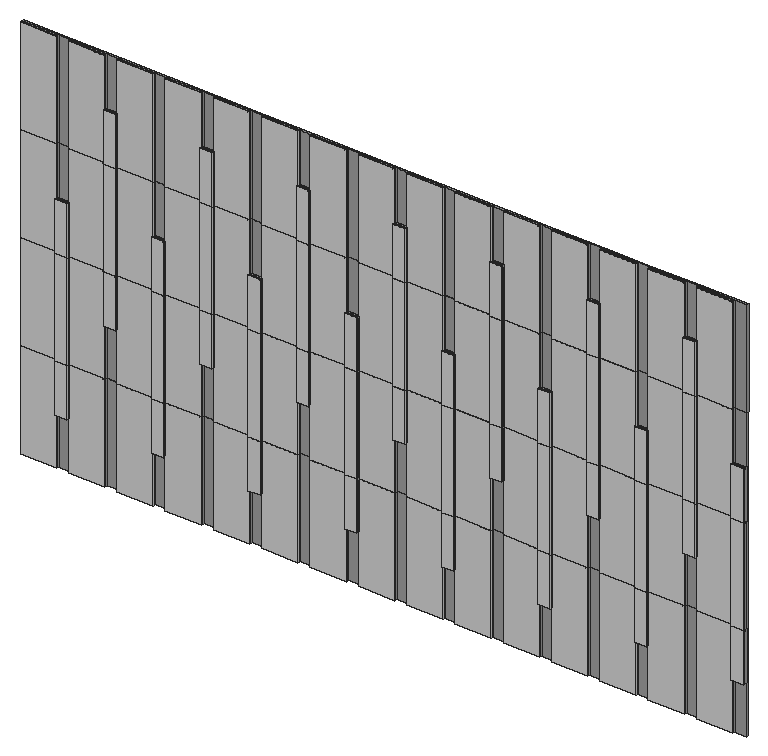
Revit family "SUR-STK-045_COURSIE_RFA", category Modelos genéricos, Revit 2022
Family settings
  Puede alojar armadura = No
  Cota de conector redondo = Diámetro de uso
  Tipo de pieza = Normal
  Se basa en plano de trabajo = No
  Siempre vertical = Sí
  Corte con vacíos al cargar = No
  Mantener orientación de anotación = No
  Compartido = No
  Punto de cálculo de habitación = No
Parameters
  Elevación por defecto = 0.00"
Reference planes (in)
  plane 1 "Centro (Frontal/Posterior)": y = 0
  plane 2: z = 0
  plane 3 "Centro (Izquierda/Derecha)": x = 0
Forms (in)
  Extrusion 1, solid
    sketch origin (-84, 0, 0) x (1, 0, 0) y (0, 0, 1)
      loop
        line (0, 24) -> (0, 0) -> (12, 0) -> (12, 24) -> (0, 24)
    from -1.06299 to -0.59055
  Extrusion 2, solid
    sketch origin (-84, -0.47244, 0) x (1, 0, 0) y (0, 0, 1)
      loop
        line (0, 24) -> (0, 0) -> (9, 0) -> (9, 12) -> (12, 12) -> (12, 24) -> (0, 24)
    from -1.06299 to -0.59055
  Extrusion 3, solid
    sketch origin (-100.10833, -0.94488, 0) x (1, 0, 0) y (0, 0, 1)
      loop
        line (25.10833, 24) -> (25.10833, 12) -> (28.10833, 12) -> (28.10833, 24) -> (25.10833, 24)
    from -1.06299 to -0.59055
  Extrusion 4, solid
    sketch origin (-84, 0, 0) x (1, 0, 0) y (0, 0, 1)
      loop
        line (0, 24) -> (0, 0) -> (9, 0) -> (9, 24) -> (0, 24)
    from -0.11811 to 0
  Extrusion 5, solid
    sketch origin (-84, -1.41732, 0) x (1, 0, 0) y (0, 0, 1)
      loop
        line (9, 24) -> (9, 12) -> (12, 12) -> (12, 24) -> (9, 24)
    from -1.06299 to -0.94488
  Extrusion 6, solid, not visible
    sketch origin (0, 0, 0) x (1, 0, 0) y (0, 0, 1)
      loop
        line (0, 24) -> (0, 0) -> (12, 0) -> (12, 24) -> (0, 24)
    from -1.06299 to -0.59055
  Extrusion 7, solid, not visible
    sketch origin (0, 0, 0) x (1, 0, 0) y (0, 0, 1)
      loop
        line (0, 24) -> (0, 0) -> (9, 0) -> (9, 24) -> (0, 24)
    from -0.59055 to -0.11811
  Extrusion 8, solid, not visible
    sketch origin (0, 0, 0) x (1, 0, 0) y (0, 0, 1)
      loop
        line (0, 24) -> (0, 0) -> (9, 0) -> (9, 24) -> (0, 24)
    from -0.11811 to 0
  Extrusion 9, solid, not visible
    sketch origin (17.00226, 0, 0) x (1, 0, 0) y (0, 0, 1)
      loop
        line (0, 24) -> (0, 0) -> (12, 0) -> (12, 24) -> (0, 24)
    from -1.06299 to -0.59055
  Extrusion 10, solid, not visible
    sketch origin (17.00226, -0.47244, 0) x (1, 0, 0) y (0, 0, 1)
      loop
        line (0, 24) -> (0, 0) -> (12, 0) -> (12, 12) -> (9, 12) -> (9, 24) -> (0, 24)
    from -1.06299 to -0.59055
  Extrusion 11, solid, not visible
    sketch origin (17.00226, -0.94488, 0) x (1, 0, 0) y (0, 0, 1)
      loop
        line (9, 12) -> (9, 0) -> (12, 0) -> (12, 12) -> (9, 12)
    from -1.06299 to -0.59055
  Extrusion 12, solid, not visible
    sketch origin (17.00226, 0, 0) x (1, 0, 0) y (0, 0, 1)
      loop
        line (0, 24) -> (0, 0) -> (9, 0) -> (9, 24) -> (0, 24)
    from -0.11811 to 0
  Extrusion 13, solid, not visible
    sketch origin (17.00226, -1.41732, 0) x (1, 0, 0) y (0, 0, 1)
      loop
        line (9, 12) -> (9, 0) -> (12, 0) -> (12, 12) -> (9, 12)
    from -1.06299 to -0.94488
  Extrusion 14, solid, not visible
    sketch origin (33.11058, 0, 0) x (1, 0, 0) y (0, 0, 1)
      loop
        line (0, 24) -> (0, 0) -> (12, 0) -> (12, 24) -> (0, 24)
    from -1.06299 to -0.59055
  Extrusion 15, solid, not visible
    sketch origin (33.11058, -0.47244, 0) x (1, 0, 0) y (0, 0, 1)
      loop
        line (0, 24) -> (0, 0) -> (9, 0) -> (9, 12) -> (12, 12) -> (12, 24) -> (0, 24)
    from -1.06299 to -0.59055
  Extrusion 16, solid, not visible
    sketch origin (17.00226, -0.94488, 0) x (1, 0, 0) y (0, 0, 1)
      loop
        line (25.10833, 24) -> (25.10833, 12) -> (28.10833, 12) -> (28.10833, 24) -> (25.10833, 24)
    from -1.06299 to -0.59055
  Extrusion 17, solid, not visible
    sketch origin (33.11058, 0, 0) x (1, 0, 0) y (0, 0, 1)
      loop
        line (0, 24) -> (0, 0) -> (9, 0) -> (9, 24) -> (0, 24)
    from -0.11811 to 0
  Extrusion 18, solid, not visible
    sketch origin (33.11058, -1.41732, 0) x (1, 0, 0) y (0, 0, 1)
      loop
        line (9, 24) -> (9, 12) -> (12, 12) -> (12, 24) -> (9, 24)
    from -1.06299 to -0.94488
  Extrusion 19, solid, not visible
    sketch origin (50.11284, 0, 0) x (1, 0, 0) y (0, 0, 1)
      loop
        line (0, 24) -> (0, 0) -> (12, 0) -> (12, 24) -> (0, 24)
    from -1.06299 to -0.59055
  Extrusion 20, solid, not visible
    sketch origin (50.11284, -0.47244, 0) x (1, 0, 0) y (0, 0, 1)
      loop
        line (0, 24) -> (0, 0) -> (12, 0) -> (12, 24) -> (0, 24)
    from -1.06299 to -0.59055
  Extrusion 21, solid, not visible
    sketch origin (50.11284, 0, 0) x (1, 0, 0) y (0, 0, 1)
      loop
        line (0, 24) -> (0, 0) -> (9, 0) -> (9, 24) -> (0, 24)
    from -0.11811 to 0
  Extrusion 22, solid, not visible
    sketch origin (34.00451, -0.94488, 0) x (1, 0, 0) y (0, 0, 1)
      loop
        line (25.10833, 24) -> (25.10833, 0) -> (28.10833, 0) -> (28.10833, 24) -> (25.10833, 24)
    from -1.06299 to -0.59055
  Extrusion 23, solid, not visible
    sketch origin (50.11284, -1.41732, 0) x (1, 0, 0) y (0, 0, 1)
      loop
        line (9, 24) -> (9, 0) -> (12, 0) -> (12, 24) -> (9, 24)
    from -1.06299 to -0.94488
  Extrusion 24, solid
    sketch origin (-84, 0, 24) x (1, 0, 0) y (0, 0, 1)
      loop
        line (0, 24) -> (0, 0) -> (12, 0) -> (12, 24) -> (0, 24)
    from -1.06299 to -0.59055
  Extrusion 25, solid
    sketch origin (-84, -0.47244, 24) x (1, 0, 0) y (0, 0, 1)
      loop
        line (0, 24) -> (0, 0) -> (12, 0) -> (12, 24) -> (0, 24)
    from -1.06299 to -0.59055
  Extrusion 26, solid
    sketch origin (-84, 0, 24) x (1, 0, 0) y (0, 0, 1)
      loop
        line (0, 24) -> (0, 0) -> (9, 0) -> (9, 24) -> (0, 24)
    from -0.11811 to 0
  Extrusion 27, solid
    sketch origin (-100.10833, -0.94488, 24) x (1, 0, 0) y (0, 0, 1)
      loop
        line (25.10833, 24) -> (25.10833, 0) -> (28.10833, 0) -> (28.10833, 24) -> (25.10833, 24)
    from -1.06299 to -0.59055
  Extrusion 28, solid
    sketch origin (-84, -1.41732, 24) x (1, 0, 0) y (0, 0, 1)
      loop
        line (9, 24) -> (9, 0) -> (12, 0) -> (12, 24) -> (9, 24)
    from -1.06299 to -0.94488
  Extrusion 29, solid
    sketch origin (-84, 0, 48) x (1, 0, 0) y (0, 0, 1)
      loop
        line (0, 24) -> (0, 0) -> (12, 0) -> (12, 24) -> (0, 24)
    from -1.06299 to -0.59055
  Extrusion 30, solid
    sketch origin (-84, -0.47244, 48) x (1, 0, 0) y (0, 0, 1)
      loop
        line (0, 24) -> (0, 0) -> (12, 0) -> (12, 12) -> (9, 12) -> (9, 24) -> (0, 24)
    from -1.06299 to -0.59055
  Extrusion 31, solid
    sketch origin (-84, -0.94488, 48) x (1, 0, 0) y (0, 0, 1)
      loop
        line (9, 12) -> (9, 0) -> (12, 0) -> (12, 12) -> (9, 12)
    from -1.06299 to -0.59055
  Extrusion 32, solid
    sketch origin (-84, 0, 48) x (1, 0, 0) y (0, 0, 1)
      loop
        line (0, 24) -> (0, 0) -> (9, 0) -> (9, 24) -> (0, 24)
    from -0.11811 to 0
  Extrusion 33, solid
    sketch origin (-84, -1.41732, 48) x (1, 0, 0) y (0, 0, 1)
      loop
        line (9, 12) -> (9, 0) -> (12, 0) -> (12, 12) -> (9, 12)
    from -1.06299 to -0.94488
  Extrusion 34, solid
    sketch origin (-84, 0, 72) x (1, 0, 0) y (0, 0, 1)
      loop
        line (0, 24) -> (0, 0) -> (12, 0) -> (12, 24) -> (0, 24)
    from -1.06299 to -0.59055
  Extrusion 35, solid
    sketch origin (-84, 0, 72) x (1, 0, 0) y (0, 0, 1)
      loop
        line (0, 24) -> (0, 0) -> (9, 0) -> (9, 24) -> (0, 24)
    from -0.59055 to -0.11811
  Extrusion 36, solid
    sketch origin (-84, 0, 72) x (1, 0, 0) y (0, 0, 1)
      loop
        line (0, 24) -> (0, 0) -> (9, 0) -> (9, 24) -> (0, 24)
    from -0.11811 to 0
  Extrusion 37, solid
    sketch origin (-72, 0, 0) x (1, 0, 0) y (0, 0, 1)
      loop
        line (0, 24) -> (0, 0) -> (12, 0) -> (12, 24) -> (0, 24)
    from -1.06299 to -0.59055
  Extrusion 38, solid
    sketch origin (-72, 0, 0) x (1, 0, 0) y (0, 0, 1)
      loop
        line (0, 24) -> (0, 0) -> (9, 0) -> (9, 24) -> (0, 24)
    from -0.59055 to -0.11811
  Extrusion 39, solid
    sketch origin (-72, 0, 0) x (1, 0, 0) y (0, 0, 1)
      loop
        line (0, 24) -> (0, 0) -> (9, 0) -> (9, 24) -> (0, 24)
    from -0.11811 to 0
  Extrusion 40, solid
    sketch origin (-72, 0, 24) x (1, 0, 0) y (0, 0, 1)
      loop
        line (0, 24) -> (0, 0) -> (12, 0) -> (12, 24) -> (0, 24)
    from -1.06299 to -0.59055
  Extrusion 41, solid
    sketch origin (-72, -0.47244, 24) x (1, 0, 0) y (0, 0, 1)
      loop
        line (0, 24) -> (0, 0) -> (9, 0) -> (9, 12) -> (12, 12) -> (12, 24) -> (0, 24)
    from -1.06299 to -0.59055
  Extrusion 42, solid
    sketch origin (-88.10833, -0.94488, 24) x (1, 0, 0) y (0, 0, 1)
      loop
        line (25.10833, 24) -> (25.10833, 12) -> (28.10833, 12) -> (28.10833, 24) -> (25.10833, 24)
    from -1.06299 to -0.59055
  Extrusion 43, solid
    sketch origin (-72, 0, 24) x (1, 0, 0) y (0, 0, 1)
      loop
        line (0, 24) -> (0, 0) -> (9, 0) -> (9, 24) -> (0, 24)
    from -0.11811 to 0
  Extrusion 44, solid
    sketch origin (-72, -1.41732, 24) x (1, 0, 0) y (0, 0, 1)
      loop
        line (9, 24) -> (9, 12) -> (12, 12) -> (12, 24) -> (9, 24)
    from -1.06299 to -0.94488
  Extrusion 45, solid
    sketch origin (-72, 0, 48) x (1, 0, 0) y (0, 0, 1)
      loop
        line (0, 24) -> (0, 0) -> (12, 0) -> (12, 24) -> (0, 24)
    from -1.06299 to -0.59055
  Extrusion 46, solid
    sketch origin (-72, -0.47244, 48) x (1, 0, 0) y (0, 0, 1)
      loop
        line (0, 24) -> (0, 0) -> (12, 0) -> (12, 24) -> (0, 24)
    from -1.06299 to -0.59055
  Extrusion 47, solid
    sketch origin (-72, 0, 48) x (1, 0, 0) y (0, 0, 1)
      loop
        line (0, 24) -> (0, 0) -> (9, 0) -> (9, 24) -> (0, 24)
    from -0.11811 to 0
  Extrusion 48, solid
    sketch origin (-88.10833, -0.94488, 48) x (1, 0, 0) y (0, 0, 1)
      loop
        line (25.10833, 24) -> (25.10833, 0) -> (28.10833, 0) -> (28.10833, 24) -> (25.10833, 24)
    from -1.06299 to -0.59055
  Extrusion 49, solid
    sketch origin (-72, -1.41732, 48) x (1, 0, 0) y (0, 0, 1)
      loop
        line (9, 24) -> (9, 0) -> (12, 0) -> (12, 24) -> (9, 24)
    from -1.06299 to -0.94488
  Extrusion 50, solid
    sketch origin (-72, 0, 72) x (1, 0, 0) y (0, 0, 1)
      loop
        line (0, 24) -> (0, 0) -> (12, 0) -> (12, 24) -> (0, 24)
    from -1.06299 to -0.59055
  Extrusion 51, solid
    sketch origin (-72, -0.47244, 72) x (1, 0, 0) y (0, 0, 1)
      loop
        line (0, 24) -> (0, 0) -> (12, 0) -> (12, 12) -> (9, 12) -> (9, 24) -> (0, 24)
    from -1.06299 to -0.59055
  Extrusion 52, solid
    sketch origin (-72, -0.94488, 72) x (1, 0, 0) y (0, 0, 1)
      loop
        line (9, 12) -> (9, 0) -> (12, 0) -> (12, 12) -> (9, 12)
    from -1.06299 to -0.59055
  Extrusion 53, solid
    sketch origin (-72, 0, 72) x (1, 0, 0) y (0, 0, 1)
      loop
        line (0, 24) -> (0, 0) -> (9, 0) -> (9, 24) -> (0, 24)
    from -0.11811 to 0
  Extrusion 54, solid
    sketch origin (-72, -1.41732, 72) x (1, 0, 0) y (0, 0, 1)
      loop
        line (9, 12) -> (9, 0) -> (12, 0) -> (12, 12) -> (9, 12)
    from -1.06299 to -0.94488
  Extrusion 55, solid, not visible
    sketch origin (0, 0, 0) x (1, 0, 0) y (0, 0, 1)
      loop
        line (0, 24) -> (0, 0) -> (12, 0) -> (12, 24) -> (0, 24)
    from -1.06299 to -0.59055
  Extrusion 56, solid, not visible
    sketch origin (0, -0.47244, 0) x (1, 0, 0) y (0, 0, 1)
      loop
        line (0, 24) -> (0, 0) -> (9, 0) -> (9, 12) -> (12, 12) -> (12, 24) -> (0, 24)
    from -1.06299 to -0.59055
  Extrusion 57, solid, not visible
    sketch origin (-16.10833, -0.94488, 0) x (1, 0, 0) y (0, 0, 1)
      loop
        line (25.10833, 24) -> (25.10833, 12) -> (28.10833, 12) -> (28.10833, 24) -> (25.10833, 24)
    from -1.06299 to -0.59055
  Extrusion 58, solid, not visible
    sketch origin (0, 0, 0) x (1, 0, 0) y (0, 0, 1)
      loop
        line (0, 24) -> (0, 0) -> (9, 0) -> (9, 24) -> (0, 24)
    from -0.11811 to 0
  Extrusion 59, solid, not visible
    sketch origin (0, -1.41732, 0) x (1, 0, 0) y (0, 0, 1)
      loop
        line (9, 24) -> (9, 12) -> (12, 12) -> (12, 24) -> (9, 24)
    from -1.06299 to -0.94488
  Extrusion 60, solid, not visible
    sketch origin (0, 0, 24) x (1, 0, 0) y (0, 0, 1)
      loop
        line (0, 24) -> (0, 0) -> (12, 0) -> (12, 24) -> (0, 24)
    from -1.06299 to -0.59055
  Extrusion 61, solid, not visible
    sketch origin (0, -0.47244, 24) x (1, 0, 0) y (0, 0, 1)
      loop
        line (0, 24) -> (0, 0) -> (12, 0) -> (12, 24) -> (0, 24)
    from -1.06299 to -0.59055
  Extrusion 62, solid, not visible
    sketch origin (0, 0, 24) x (1, 0, 0) y (0, 0, 1)
      loop
        line (0, 24) -> (0, 0) -> (9, 0) -> (9, 24) -> (0, 24)
    from -0.11811 to 0
  Extrusion 63, solid, not visible
    sketch origin (-16.10833, -0.94488, 24) x (1, 0, 0) y (0, 0, 1)
      loop
        line (25.10833, 24) -> (25.10833, 0) -> (28.10833, 0) -> (28.10833, 24) -> (25.10833, 24)
    from -1.06299 to -0.59055
  Extrusion 64, solid, not visible
    sketch origin (0, -1.41732, 24) x (1, 0, 0) y (0, 0, 1)
      loop
        line (9, 24) -> (9, 0) -> (12, 0) -> (12, 24) -> (9, 24)
    from -1.06299 to -0.94488
  Extrusion 65, solid, not visible
    sketch origin (0, 0, 48) x (1, 0, 0) y (0, 0, 1)
      loop
        line (0, 24) -> (0, 0) -> (12, 0) -> (12, 24) -> (0, 24)
    from -1.06299 to -0.59055
  Extrusion 66, solid, not visible
    sketch origin (0, -0.47244, 48) x (1, 0, 0) y (0, 0, 1)
      loop
        line (0, 24) -> (0, 0) -> (12, 0) -> (12, 12) -> (9, 12) -> (9, 24) -> (0, 24)
    from -1.06299 to -0.59055
  Extrusion 67, solid, not visible
    sketch origin (0, -0.94488, 48) x (1, 0, 0) y (0, 0, 1)
      loop
        line (9, 12) -> (9, 0) -> (12, 0) -> (12, 12) -> (9, 12)
    from -1.06299 to -0.59055
  Extrusion 68, solid, not visible
    sketch origin (0, 0, 48) x (1, 0, 0) y (0, 0, 1)
      loop
        line (0, 24) -> (0, 0) -> (9, 0) -> (9, 24) -> (0, 24)
    from -0.11811 to 0
  Extrusion 69, solid, not visible
    sketch origin (0, -1.41732, 48) x (1, 0, 0) y (0, 0, 1)
      loop
        line (9, 12) -> (9, 0) -> (12, 0) -> (12, 12) -> (9, 12)
    from -1.06299 to -0.94488
  Extrusion 70, solid, not visible
    sketch origin (0, 0, 72) x (1, 0, 0) y (0, 0, 1)
      loop
        line (0, 24) -> (0, 0) -> (12, 0) -> (12, 24) -> (0, 24)
    from -1.06299 to -0.59055
  Extrusion 71, solid, not visible
    sketch origin (0, 0, 72) x (1, 0, 0) y (0, 0, 1)
      loop
        line (0, 24) -> (0, 0) -> (9, 0) -> (9, 24) -> (0, 24)
    from -0.59055 to -0.11811
  Extrusion 72, solid, not visible
    sketch origin (0, 0, 72) x (1, 0, 0) y (0, 0, 1)
      loop
        line (0, 24) -> (0, 0) -> (9, 0) -> (9, 24) -> (0, 24)
    from -0.11811 to 0
  Extrusion 73, solid, not visible
    sketch origin (12, 0, 0) x (1, 0, 0) y (0, 0, 1)
      loop
        line (0, 24) -> (0, 0) -> (12, 0) -> (12, 24) -> (0, 24)
    from -1.06299 to -0.59055
  Extrusion 74, solid, not visible
    sketch origin (12, 0, 0) x (1, 0, 0) y (0, 0, 1)
      loop
        line (0, 24) -> (0, 0) -> (9, 0) -> (9, 24) -> (0, 24)
    from -0.59055 to -0.11811
  Extrusion 75, solid, not visible
    sketch origin (12, 0, 0) x (1, 0, 0) y (0, 0, 1)
      loop
        line (0, 24) -> (0, 0) -> (9, 0) -> (9, 24) -> (0, 24)
    from -0.11811 to 0
  Extrusion 76, solid, not visible
    sketch origin (12, 0, 24) x (1, 0, 0) y (0, 0, 1)
      loop
        line (0, 24) -> (0, 0) -> (12, 0) -> (12, 24) -> (0, 24)
    from -1.06299 to -0.59055
  Extrusion 77, solid, not visible
    sketch origin (12, -0.47244, 24) x (1, 0, 0) y (0, 0, 1)
      loop
        line (0, 24) -> (0, 0) -> (9, 0) -> (9, 12) -> (12, 12) -> (12, 24) -> (0, 24)
    from -1.06299 to -0.59055
  Extrusion 78, solid, not visible
    sketch origin (-4.10833, -0.94488, 24) x (1, 0, 0) y (0, 0, 1)
      loop
        line (25.10833, 24) -> (25.10833, 12) -> (28.10833, 12) -> (28.10833, 24) -> (25.10833, 24)
    from -1.06299 to -0.59055
  Extrusion 79, solid, not visible
    sketch origin (12, 0, 24) x (1, 0, 0) y (0, 0, 1)
      loop
        line (0, 24) -> (0, 0) -> (9, 0) -> (9, 24) -> (0, 24)
    from -0.11811 to 0
  Extrusion 80, solid, not visible
    sketch origin (12, -1.41732, 24) x (1, 0, 0) y (0, 0, 1)
      loop
        line (9, 24) -> (9, 12) -> (12, 12) -> (12, 24) -> (9, 24)
    from -1.06299 to -0.94488
  Extrusion 81, solid, not visible
    sketch origin (12, 0, 48) x (1, 0, 0) y (0, 0, 1)
      loop
        line (0, 24) -> (0, 0) -> (12, 0) -> (12, 24) -> (0, 24)
    from -1.06299 to -0.59055
  Extrusion 82, solid, not visible
    sketch origin (12, -0.47244, 48) x (1, 0, 0) y (0, 0, 1)
      loop
        line (0, 24) -> (0, 0) -> (12, 0) -> (12, 24) -> (0, 24)
    from -1.06299 to -0.59055
  Extrusion 83, solid, not visible
    sketch origin (12, 0, 48) x (1, 0, 0) y (0, 0, 1)
      loop
        line (0, 24) -> (0, 0) -> (9, 0) -> (9, 24) -> (0, 24)
    from -0.11811 to 0
  Extrusion 84, solid, not visible
    sketch origin (-4.10833, -0.94488, 48) x (1, 0, 0) y (0, 0, 1)
      loop
        line (25.10833, 24) -> (25.10833, 0) -> (28.10833, 0) -> (28.10833, 24) -> (25.10833, 24)
    from -1.06299 to -0.59055
  Extrusion 85, solid, not visible
    sketch origin (12, -1.41732, 48) x (1, 0, 0) y (0, 0, 1)
      loop
        line (9, 24) -> (9, 0) -> (12, 0) -> (12, 24) -> (9, 24)
    from -1.06299 to -0.94488
  Extrusion 86, solid, not visible
    sketch origin (12, 0, 72) x (1, 0, 0) y (0, 0, 1)
      loop
        line (0, 24) -> (0, 0) -> (12, 0) -> (12, 24) -> (0, 24)
    from -1.06299 to -0.59055
  Extrusion 87, solid, not visible
    sketch origin (12, -0.47244, 72) x (1, 0, 0) y (0, 0, 1)
      loop
        line (0, 24) -> (0, 0) -> (12, 0) -> (12, 12) -> (9, 12) -> (9, 24) -> (0, 24)
    from -1.06299 to -0.59055
  Extrusion 88, solid, not visible
    sketch origin (12, -0.94488, 72) x (1, 0, 0) y (0, 0, 1)
      loop
        line (9, 12) -> (9, 0) -> (12, 0) -> (12, 12) -> (9, 12)
    from -1.06299 to -0.59055
  Extrusion 89, solid, not visible
    sketch origin (12, 0, 72) x (1, 0, 0) y (0, 0, 1)
      loop
        line (0, 24) -> (0, 0) -> (9, 0) -> (9, 24) -> (0, 24)
    from -0.11811 to 0
  Extrusion 90, solid, not visible
    sketch origin (12, -1.41732, 72) x (1, 0, 0) y (0, 0, 1)
      loop
        line (9, 12) -> (9, 0) -> (12, 0) -> (12, 12) -> (9, 12)
    from -1.06299 to -0.94488
  Extrusion 91, solid
    sketch origin (-60, 0, 0) x (1, 0, 0) y (0, 0, 1)
      loop
        line (0, 24) -> (0, 0) -> (12, 0) -> (12, 24) -> (0, 24)
    from -1.06299 to -0.59055
  Extrusion 92, solid
    sketch origin (-60, -0.47244, 0) x (1, 0, 0) y (0, 0, 1)
      loop
        line (0, 24) -> (0, 0) -> (9, 0) -> (9, 12) -> (12, 12) -> (12, 24) -> (0, 24)
    from -1.06299 to -0.59055
  Extrusion 93, solid
    sketch origin (-76.10833, -0.94488, 0) x (1, 0, 0) y (0, 0, 1)
      loop
        line (25.10833, 24) -> (25.10833, 12) -> (28.10833, 12) -> (28.10833, 24) -> (25.10833, 24)
    from -1.06299 to -0.59055
  Extrusion 94, solid
    sketch origin (-60, 0, 0) x (1, 0, 0) y (0, 0, 1)
      loop
        line (0, 24) -> (0, 0) -> (9, 0) -> (9, 24) -> (0, 24)
    from -0.11811 to 0
  Extrusion 95, solid
    sketch origin (-60, -1.41732, 0) x (1, 0, 0) y (0, 0, 1)
      loop
        line (9, 24) -> (9, 12) -> (12, 12) -> (12, 24) -> (9, 24)
    from -1.06299 to -0.94488
  Extrusion 96, solid
    sketch origin (-60, 0, 24) x (1, 0, 0) y (0, 0, 1)
      loop
        line (0, 24) -> (0, 0) -> (12, 0) -> (12, 24) -> (0, 24)
    from -1.06299 to -0.59055
  Extrusion 97, solid
    sketch origin (-60, -0.47244, 24) x (1, 0, 0) y (0, 0, 1)
      loop
        line (0, 24) -> (0, 0) -> (12, 0) -> (12, 24) -> (0, 24)
    from -1.06299 to -0.59055
  Extrusion 98, solid
    sketch origin (-60, 0, 24) x (1, 0, 0) y (0, 0, 1)
      loop
        line (0, 24) -> (0, 0) -> (9, 0) -> (9, 24) -> (0, 24)
    from -0.11811 to 0
  Extrusion 99, solid
    sketch origin (-76.10833, -0.94488, 24) x (1, 0, 0) y (0, 0, 1)
      loop
        line (25.10833, 24) -> (25.10833, 0) -> (28.10833, 0) -> (28.10833, 24) -> (25.10833, 24)
    from -1.06299 to -0.59055
  Extrusion 100, solid
    sketch origin (-60, -1.41732, 24) x (1, 0, 0) y (0, 0, 1)
      loop
        line (9, 24) -> (9, 0) -> (12, 0) -> (12, 24) -> (9, 24)
    from -1.06299 to -0.94488
  Extrusion 101, solid
    sketch origin (-60, 0, 48) x (1, 0, 0) y (0, 0, 1)
      loop
        line (0, 24) -> (0, 0) -> (12, 0) -> (12, 24) -> (0, 24)
    from -1.06299 to -0.59055
  Extrusion 102, solid
    sketch origin (-60, -0.47244, 48) x (1, 0, 0) y (0, 0, 1)
      loop
        line (0, 24) -> (0, 0) -> (12, 0) -> (12, 12) -> (9, 12) -> (9, 24) -> (0, 24)
    from -1.06299 to -0.59055
  Extrusion 103, solid
    sketch origin (-60, -0.94488, 48) x (1, 0, 0) y (0, 0, 1)
      loop
        line (9, 12) -> (9, 0) -> (12, 0) -> (12, 12) -> (9, 12)
    from -1.06299 to -0.59055
  Extrusion 104, solid
    sketch origin (-60, 0, 48) x (1, 0, 0) y (0, 0, 1)
      loop
        line (0, 24) -> (0, 0) -> (9, 0) -> (9, 24) -> (0, 24)
    from -0.11811 to 0
  Extrusion 105, solid
    sketch origin (-60, -1.41732, 48) x (1, 0, 0) y (0, 0, 1)
      loop
        line (9, 12) -> (9, 0) -> (12, 0) -> (12, 12) -> (9, 12)
    from -1.06299 to -0.94488
  Extrusion 106, solid
    sketch origin (-60, 0, 72) x (1, 0, 0) y (0, 0, 1)
      loop
        line (0, 24) -> (0, 0) -> (12, 0) -> (12, 24) -> (0, 24)
    from -1.06299 to -0.59055
  Extrusion 107, solid
    sketch origin (-60, 0, 72) x (1, 0, 0) y (0, 0, 1)
      loop
        line (0, 24) -> (0, 0) -> (9, 0) -> (9, 24) -> (0, 24)
    from -0.59055 to -0.11811
  Extrusion 108, solid
    sketch origin (-60, 0, 72) x (1, 0, 0) y (0, 0, 1)
      loop
        line (0, 24) -> (0, 0) -> (9, 0) -> (9, 24) -> (0, 24)
    from -0.11811 to 0
  Extrusion 109, solid
    sketch origin (-48, 0, 0) x (1, 0, 0) y (0, 0, 1)
      loop
        line (0, 24) -> (0, 0) -> (12, 0) -> (12, 24) -> (0, 24)
    from -1.06299 to -0.59055
  Extrusion 110, solid
    sketch origin (-48, 0, 0) x (1, 0, 0) y (0, 0, 1)
      loop
        line (0, 24) -> (0, 0) -> (9, 0) -> (9, 24) -> (0, 24)
    from -0.59055 to -0.11811
  Extrusion 111, solid
    sketch origin (-48, 0, 0) x (1, 0, 0) y (0, 0, 1)
      loop
        line (0, 24) -> (0, 0) -> (9, 0) -> (9, 24) -> (0, 24)
    from -0.11811 to 0
  Extrusion 112, solid
    sketch origin (-48, 0, 24) x (1, 0, 0) y (0, 0, 1)
      loop
        line (0, 24) -> (0, 0) -> (12, 0) -> (12, 24) -> (0, 24)
    from -1.06299 to -0.59055
  Extrusion 113, solid
    sketch origin (-48, -0.47244, 24) x (1, 0, 0) y (0, 0, 1)
      loop
        line (0, 24) -> (0, 0) -> (9, 0) -> (9, 12) -> (12, 12) -> (12, 24) -> (0, 24)
    from -1.06299 to -0.59055
  Extrusion 114, solid
    sketch origin (-64.10833, -0.94488, 24) x (1, 0, 0) y (0, 0, 1)
      loop
        line (25.10833, 24) -> (25.10833, 12) -> (28.10833, 12) -> (28.10833, 24) -> (25.10833, 24)
    from -1.06299 to -0.59055
  Extrusion 115, solid
    sketch origin (-48, 0, 24) x (1, 0, 0) y (0, 0, 1)
      loop
        line (0, 24) -> (0, 0) -> (9, 0) -> (9, 24) -> (0, 24)
    from -0.11811 to 0
  Extrusion 116, solid
    sketch origin (-48, -1.41732, 24) x (1, 0, 0) y (0, 0, 1)
      loop
        line (9, 24) -> (9, 12) -> (12, 12) -> (12, 24) -> (9, 24)
    from -1.06299 to -0.94488
  Extrusion 117, solid
    sketch origin (-48, 0, 48) x (1, 0, 0) y (0, 0, 1)
      loop
        line (0, 24) -> (0, 0) -> (12, 0) -> (12, 24) -> (0, 24)
    from -1.06299 to -0.59055
  Extrusion 118, solid
    sketch origin (-48, -0.47244, 48) x (1, 0, 0) y (0, 0, 1)
      loop
        line (0, 24) -> (0, 0) -> (12, 0) -> (12, 24) -> (0, 24)
    from -1.06299 to -0.59055
  Extrusion 119, solid
    sketch origin (-48, 0, 48) x (1, 0, 0) y (0, 0, 1)
      loop
        line (0, 24) -> (0, 0) -> (9, 0) -> (9, 24) -> (0, 24)
    from -0.11811 to 0
  Extrusion 120, solid
    sketch origin (-64.10833, -0.94488, 48) x (1, 0, 0) y (0, 0, 1)
      loop
        line (25.10833, 24) -> (25.10833, 0) -> (28.10833, 0) -> (28.10833, 24) -> (25.10833, 24)
    from -1.06299 to -0.59055
  Extrusion 121, solid
    sketch origin (-48, -1.41732, 48) x (1, 0, 0) y (0, 0, 1)
      loop
        line (9, 24) -> (9, 0) -> (12, 0) -> (12, 24) -> (9, 24)
    from -1.06299 to -0.94488
  Extrusion 122, solid
    sketch origin (-48, 0, 72) x (1, 0, 0) y (0, 0, 1)
      loop
        line (0, 24) -> (0, 0) -> (12, 0) -> (12, 24) -> (0, 24)
    from -1.06299 to -0.59055
  Extrusion 123, solid
    sketch origin (-48, -0.47244, 72) x (1, 0, 0) y (0, 0, 1)
      loop
        line (0, 24) -> (0, 0) -> (12, 0) -> (12, 12) -> (9, 12) -> (9, 24) -> (0, 24)
    from -1.06299 to -0.59055
  Extrusion 124, solid
    sketch origin (-48, -0.94488, 72) x (1, 0, 0) y (0, 0, 1)
      loop
        line (9, 12) -> (9, 0) -> (12, 0) -> (12, 12) -> (9, 12)
    from -1.06299 to -0.59055
  Extrusion 125, solid
    sketch origin (-48, 0, 72) x (1, 0, 0) y (0, 0, 1)
      loop
        line (0, 24) -> (0, 0) -> (9, 0) -> (9, 24) -> (0, 24)
    from -0.11811 to 0
  Extrusion 126, solid
    sketch origin (-48, -1.41732, 72) x (1, 0, 0) y (0, 0, 1)
      loop
        line (9, 12) -> (9, 0) -> (12, 0) -> (12, 12) -> (9, 12)
    from -1.06299 to -0.94488
  Extrusion 127, solid
    sketch origin (-36, 0, 0) x (1, 0, 0) y (0, 0, 1)
      loop
        line (0, 24) -> (0, 0) -> (12, 0) -> (12, 24) -> (0, 24)
    from -1.06299 to -0.59055
  Extrusion 128, solid
    sketch origin (-36, -0.47244, 0) x (1, 0, 0) y (0, 0, 1)
      loop
        line (0, 24) -> (0, 0) -> (9, 0) -> (9, 12) -> (12, 12) -> (12, 24) -> (0, 24)
    from -1.06299 to -0.59055
  Extrusion 129, solid
    sketch origin (-52.10833, -0.94488, 0) x (1, 0, 0) y (0, 0, 1)
      loop
        line (25.10833, 24) -> (25.10833, 12) -> (28.10833, 12) -> (28.10833, 24) -> (25.10833, 24)
    from -1.06299 to -0.59055
  Extrusion 130, solid
    sketch origin (-36, 0, 0) x (1, 0, 0) y (0, 0, 1)
      loop
        line (0, 24) -> (0, 0) -> (9, 0) -> (9, 24) -> (0, 24)
    from -0.11811 to 0
  Extrusion 131, solid
    sketch origin (-36, -1.41732, 0) x (1, 0, 0) y (0, 0, 1)
      loop
        line (9, 24) -> (9, 12) -> (12, 12) -> (12, 24) -> (9, 24)
    from -1.06299 to -0.94488
  Extrusion 132, solid
    sketch origin (-36, 0, 24) x (1, 0, 0) y (0, 0, 1)
      loop
        line (0, 24) -> (0, 0) -> (12, 0) -> (12, 24) -> (0, 24)
    from -1.06299 to -0.59055
  Extrusion 133, solid
    sketch origin (-36, -0.47244, 24) x (1, 0, 0) y (0, 0, 1)
      loop
        line (0, 24) -> (0, 0) -> (12, 0) -> (12, 24) -> (0, 24)
    from -1.06299 to -0.59055
  Extrusion 134, solid
    sketch origin (-36, 0, 24) x (1, 0, 0) y (0, 0, 1)
      loop
        line (0, 24) -> (0, 0) -> (9, 0) -> (9, 24) -> (0, 24)
    from -0.11811 to 0
  Extrusion 135, solid
    sketch origin (-52.10833, -0.94488, 24) x (1, 0, 0) y (0, 0, 1)
      loop
        line (25.10833, 24) -> (25.10833, 0) -> (28.10833, 0) -> (28.10833, 24) -> (25.10833, 24)
    from -1.06299 to -0.59055
  Extrusion 136, solid
    sketch origin (-36, -1.41732, 24) x (1, 0, 0) y (0, 0, 1)
      loop
        line (9, 24) -> (9, 0) -> (12, 0) -> (12, 24) -> (9, 24)
    from -1.06299 to -0.94488
  Extrusion 137, solid
    sketch origin (-36, 0, 48) x (1, 0, 0) y (0, 0, 1)
      loop
        line (0, 24) -> (0, 0) -> (12, 0) -> (12, 24) -> (0, 24)
    from -1.06299 to -0.59055
  Extrusion 138, solid
    sketch origin (-36, -0.47244, 48) x (1, 0, 0) y (0, 0, 1)
      loop
        line (0, 24) -> (0, 0) -> (12, 0) -> (12, 12) -> (9, 12) -> (9, 24) -> (0, 24)
    from -1.06299 to -0.59055
  Extrusion 139, solid
    sketch origin (-36, -0.94488, 48) x (1, 0, 0) y (0, 0, 1)
      loop
        line (9, 12) -> (9, 0) -> (12, 0) -> (12, 12) -> (9, 12)
    from -1.06299 to -0.59055
  Extrusion 140, solid
    sketch origin (-36, 0, 48) x (1, 0, 0) y (0, 0, 1)
      loop
        line (0, 24) -> (0, 0) -> (9, 0) -> (9, 24) -> (0, 24)
    from -0.11811 to 0
  Extrusion 141, solid
    sketch origin (-36, -1.41732, 48) x (1, 0, 0) y (0, 0, 1)
      loop
        line (9, 12) -> (9, 0) -> (12, 0) -> (12, 12) -> (9, 12)
    from -1.06299 to -0.94488
  Extrusion 142, solid
    sketch origin (-36, 0, 72) x (1, 0, 0) y (0, 0, 1)
      loop
        line (0, 24) -> (0, 0) -> (12, 0) -> (12, 24) -> (0, 24)
    from -1.06299 to -0.59055
  Extrusion 143, solid
    sketch origin (-36, 0, 72) x (1, 0, 0) y (0, 0, 1)
      loop
        line (0, 24) -> (0, 0) -> (9, 0) -> (9, 24) -> (0, 24)
    from -0.59055 to -0.11811
  Extrusion 144, solid
    sketch origin (-36, 0, 72) x (1, 0, 0) y (0, 0, 1)
      loop
        line (0, 24) -> (0, 0) -> (9, 0) -> (9, 24) -> (0, 24)
    from -0.11811 to 0
  Extrusion 145, solid
    sketch origin (-24, 0, 0) x (1, 0, 0) y (0, 0, 1)
      loop
        line (0, 24) -> (0, 0) -> (12, 0) -> (12, 24) -> (0, 24)
    from -1.06299 to -0.59055
  Extrusion 146, solid
    sketch origin (-24, 0, 0) x (1, 0, 0) y (0, 0, 1)
      loop
        line (0, 24) -> (0, 0) -> (9, 0) -> (9, 24) -> (0, 24)
    from -0.59055 to -0.11811
  Extrusion 147, solid
    sketch origin (-24, 0, 0) x (1, 0, 0) y (0, 0, 1)
      loop
        line (0, 24) -> (0, 0) -> (9, 0) -> (9, 24) -> (0, 24)
    from -0.11811 to 0
  Extrusion 148, solid
    sketch origin (-24, 0, 24) x (1, 0, 0) y (0, 0, 1)
      loop
        line (0, 24) -> (0, 0) -> (12, 0) -> (12, 24) -> (0, 24)
    from -1.06299 to -0.59055
  Extrusion 149, solid
    sketch origin (-24, -0.47244, 24) x (1, 0, 0) y (0, 0, 1)
      loop
        line (0, 24) -> (0, 0) -> (9, 0) -> (9, 12) -> (12, 12) -> (12, 24) -> (0, 24)
    from -1.06299 to -0.59055
  Extrusion 150, solid
    sketch origin (-40.10833, -0.94488, 24) x (1, 0, 0) y (0, 0, 1)
      loop
        line (25.10833, 24) -> (25.10833, 12) -> (28.10833, 12) -> (28.10833, 24) -> (25.10833, 24)
    from -1.06299 to -0.59055
  Extrusion 151, solid
    sketch origin (-24, 0, 24) x (1, 0, 0) y (0, 0, 1)
      loop
        line (0, 24) -> (0, 0) -> (9, 0) -> (9, 24) -> (0, 24)
    from -0.11811 to 0
  Extrusion 152, solid
    sketch origin (-24, -1.41732, 24) x (1, 0, 0) y (0, 0, 1)
      loop
        line (9, 24) -> (9, 12) -> (12, 12) -> (12, 24) -> (9, 24)
    from -1.06299 to -0.94488
  Extrusion 153, solid
    sketch origin (-24, 0, 48) x (1, 0, 0) y (0, 0, 1)
      loop
        line (0, 24) -> (0, 0) -> (12, 0) -> (12, 24) -> (0, 24)
    from -1.06299 to -0.59055
  Extrusion 154, solid
    sketch origin (-24, -0.47244, 48) x (1, 0, 0) y (0, 0, 1)
      loop
        line (0, 24) -> (0, 0) -> (12, 0) -> (12, 24) -> (0, 24)
    from -1.06299 to -0.59055
  Extrusion 155, solid
    sketch origin (-24, 0, 48) x (1, 0, 0) y (0, 0, 1)
      loop
        line (0, 24) -> (0, 0) -> (9, 0) -> (9, 24) -> (0, 24)
    from -0.11811 to 0
  Extrusion 156, solid
    sketch origin (-40.10833, -0.94488, 48) x (1, 0, 0) y (0, 0, 1)
      loop
        line (25.10833, 24) -> (25.10833, 0) -> (28.10833, 0) -> (28.10833, 24) -> (25.10833, 24)
    from -1.06299 to -0.59055
  Extrusion 157, solid
    sketch origin (-24, -1.41732, 48) x (1, 0, 0) y (0, 0, 1)
      loop
        line (9, 24) -> (9, 0) -> (12, 0) -> (12, 24) -> (9, 24)
    from -1.06299 to -0.94488
  Extrusion 158, solid
    sketch origin (-24, 0, 72) x (1, 0, 0) y (0, 0, 1)
      loop
        line (0, 24) -> (0, 0) -> (12, 0) -> (12, 24) -> (0, 24)
    from -1.06299 to -0.59055
  Extrusion 159, solid
    sketch origin (-24, -0.47244, 72) x (1, 0, 0) y (0, 0, 1)
      loop
        line (0, 24) -> (0, 0) -> (12, 0) -> (12, 12) -> (9, 12) -> (9, 24) -> (0, 24)
    from -1.06299 to -0.59055
  Extrusion 160, solid
    sketch origin (-24, -0.94488, 72) x (1, 0, 0) y (0, 0, 1)
      loop
        line (9, 12) -> (9, 0) -> (12, 0) -> (12, 12) -> (9, 12)
    from -1.06299 to -0.59055
  Extrusion 161, solid
    sketch origin (-24, 0, 72) x (1, 0, 0) y (0, 0, 1)
      loop
        line (0, 24) -> (0, 0) -> (9, 0) -> (9, 24) -> (0, 24)
    from -0.11811 to 0
  Extrusion 162, solid
    sketch origin (-24, -1.41732, 72) x (1, 0, 0) y (0, 0, 1)
      loop
        line (9, 12) -> (9, 0) -> (12, 0) -> (12, 12) -> (9, 12)
    from -1.06299 to -0.94488
  Extrusion 163, solid
    sketch origin (-12, 0, 0) x (1, 0, 0) y (0, 0, 1)
      loop
        line (0, 24) -> (0, 0) -> (12, 0) -> (12, 24) -> (0, 24)
    from -1.06299 to -0.59055
  Extrusion 164, solid
    sketch origin (-12, -0.47244, 0) x (1, 0, 0) y (0, 0, 1)
      loop
        line (0, 24) -> (0, 0) -> (9, 0) -> (9, 12) -> (12, 12) -> (12, 24) -> (0, 24)
    from -1.06299 to -0.59055
  Extrusion 165, solid
    sketch origin (-28.10833, -0.94488, 0) x (1, 0, 0) y (0, 0, 1)
      loop
        line (25.10833, 24) -> (25.10833, 12) -> (28.10833, 12) -> (28.10833, 24) -> (25.10833, 24)
    from -1.06299 to -0.59055
  Extrusion 166, solid
    sketch origin (-12, 0, 0) x (1, 0, 0) y (0, 0, 1)
      loop
        line (0, 24) -> (0, 0) -> (9, 0) -> (9, 24) -> (0, 24)
    from -0.11811 to 0
  Extrusion 167, solid
    sketch origin (-12, -1.41732, 0) x (1, 0, 0) y (0, 0, 1)
      loop
        line (9, 24) -> (9, 12) -> (12, 12) -> (12, 24) -> (9, 24)
    from -1.06299 to -0.94488
  Extrusion 168, solid
    sketch origin (-12, 0, 24) x (1, 0, 0) y (0, 0, 1)
      loop
        line (0, 24) -> (0, 0) -> (12, 0) -> (12, 24) -> (0, 24)
    from -1.06299 to -0.59055
  Extrusion 169, solid
    sketch origin (-12, -0.47244, 24) x (1, 0, 0) y (0, 0, 1)
      loop
        line (0, 24) -> (0, 0) -> (12, 0) -> (12, 24) -> (0, 24)
    from -1.06299 to -0.59055
  Extrusion 170, solid
    sketch origin (-12, 0, 24) x (1, 0, 0) y (0, 0, 1)
      loop
        line (0, 24) -> (0, 0) -> (9, 0) -> (9, 24) -> (0, 24)
    from -0.11811 to 0
  Extrusion 171, solid
    sketch origin (-28.10833, -0.94488, 24) x (1, 0, 0) y (0, 0, 1)
      loop
        line (25.10833, 24) -> (25.10833, 0) -> (28.10833, 0) -> (28.10833, 24) -> (25.10833, 24)
    from -1.06299 to -0.59055
  Extrusion 172, solid
    sketch origin (-12, -1.41732, 24) x (1, 0, 0) y (0, 0, 1)
      loop
        line (9, 24) -> (9, 0) -> (12, 0) -> (12, 24) -> (9, 24)
    from -1.06299 to -0.94488
  Extrusion 173, solid
    sketch origin (-12, 0, 48) x (1, 0, 0) y (0, 0, 1)
      loop
        line (0, 24) -> (0, 0) -> (12, 0) -> (12, 24) -> (0, 24)
    from -1.06299 to -0.59055
  Extrusion 174, solid
    sketch origin (-12, -0.47244, 48) x (1, 0, 0) y (0, 0, 1)
      loop
        line (0, 24) -> (0, 0) -> (12, 0) -> (12, 12) -> (9, 12) -> (9, 24) -> (0, 24)
    from -1.06299 to -0.59055
  Extrusion 175, solid
    sketch origin (-12, -0.94488, 48) x (1, 0, 0) y (0, 0, 1)
      loop
        line (9, 12) -> (9, 0) -> (12, 0) -> (12, 12) -> (9, 12)
    from -1.06299 to -0.59055
  Extrusion 176, solid
    sketch origin (-12, 0, 48) x (1, 0, 0) y (0, 0, 1)
      loop
        line (0, 24) -> (0, 0) -> (9, 0) -> (9, 24) -> (0, 24)
    from -0.11811 to 0
  Extrusion 177, solid
    sketch origin (-12, -1.41732, 48) x (1, 0, 0) y (0, 0, 1)
      loop
        line (9, 12) -> (9, 0) -> (12, 0) -> (12, 12) -> (9, 12)
    from -1.06299 to -0.94488
  Extrusion 178, solid
    sketch origin (-12, 0, 72) x (1, 0, 0) y (0, 0, 1)
      loop
        line (0, 24) -> (0, 0) -> (12, 0) -> (12, 24) -> (0, 24)
    from -1.06299 to -0.59055
  Extrusion 179, solid
    sketch origin (-12, 0, 72) x (1, 0, 0) y (0, 0, 1)
      loop
        line (0, 24) -> (0, 0) -> (9, 0) -> (9, 24) -> (0, 24)
    from -0.59055 to -0.11811
  Extrusion 180, solid
    sketch origin (-12, 0, 72) x (1, 0, 0) y (0, 0, 1)
      loop
        line (0, 24) -> (0, 0) -> (9, 0) -> (9, 24) -> (0, 24)
    from -0.11811 to 0
  Extrusion 181, solid
    sketch origin (0, 0, 0) x (1, 0, 0) y (0, 0, 1)
      loop
        line (0, 24) -> (0, 0) -> (12, 0) -> (12, 24) -> (0, 24)
    from -1.06299 to -0.59055
  Extrusion 182, solid
    sketch origin (0, 0, 0) x (1, 0, 0) y (0, 0, 1)
      loop
        line (0, 24) -> (0, 0) -> (9, 0) -> (9, 24) -> (0, 24)
    from -0.59055 to -0.11811
  Extrusion 183, solid
    sketch origin (0, 0, 0) x (1, 0, 0) y (0, 0, 1)
      loop
        line (0, 24) -> (0, 0) -> (9, 0) -> (9, 24) -> (0, 24)
    from -0.11811 to 0
  Extrusion 184, solid
    sketch origin (0, 0, 24) x (1, 0, 0) y (0, 0, 1)
      loop
        line (0, 24) -> (0, 0) -> (12, 0) -> (12, 24) -> (0, 24)
    from -1.06299 to -0.59055
  Extrusion 185, solid
    sketch origin (0, -0.47244, 24) x (1, 0, 0) y (0, 0, 1)
      loop
        line (0, 24) -> (0, 0) -> (9, 0) -> (9, 12) -> (12, 12) -> (12, 24) -> (0, 24)
    from -1.06299 to -0.59055
  Extrusion 186, solid
    sketch origin (-16.10833, -0.94488, 24) x (1, 0, 0) y (0, 0, 1)
      loop
        line (25.10833, 24) -> (25.10833, 12) -> (28.10833, 12) -> (28.10833, 24) -> (25.10833, 24)
    from -1.06299 to -0.59055
  Extrusion 187, solid
    sketch origin (0, 0, 24) x (1, 0, 0) y (0, 0, 1)
      loop
        line (0, 24) -> (0, 0) -> (9, 0) -> (9, 24) -> (0, 24)
    from -0.11811 to 0
  Extrusion 188, solid
    sketch origin (0, -1.41732, 24) x (1, 0, 0) y (0, 0, 1)
      loop
        line (9, 24) -> (9, 12) -> (12, 12) -> (12, 24) -> (9, 24)
    from -1.06299 to -0.94488
  Extrusion 189, solid
    sketch origin (0, 0, 48) x (1, 0, 0) y (0, 0, 1)
      loop
        line (0, 24) -> (0, 0) -> (12, 0) -> (12, 24) -> (0, 24)
    from -1.06299 to -0.59055
  Extrusion 190, solid
    sketch origin (0, -0.47244, 48) x (1, 0, 0) y (0, 0, 1)
      loop
        line (0, 24) -> (0, 0) -> (12, 0) -> (12, 24) -> (0, 24)
    from -1.06299 to -0.59055
  Extrusion 191, solid
    sketch origin (0, 0, 48) x (1, 0, 0) y (0, 0, 1)
      loop
        line (0, 24) -> (0, 0) -> (9, 0) -> (9, 24) -> (0, 24)
    from -0.11811 to 0
  Extrusion 192, solid
    sketch origin (-16.10833, -0.94488, 48) x (1, 0, 0) y (0, 0, 1)
      loop
        line (25.10833, 24) -> (25.10833, 0) -> (28.10833, 0) -> (28.10833, 24) -> (25.10833, 24)
    from -1.06299 to -0.59055
  Extrusion 193, solid
    sketch origin (0, -1.41732, 48) x (1, 0, 0) y (0, 0, 1)
      loop
        line (9, 24) -> (9, 0) -> (12, 0) -> (12, 24) -> (9, 24)
    from -1.06299 to -0.94488
  Extrusion 194, solid
    sketch origin (0, 0, 72) x (1, 0, 0) y (0, 0, 1)
      loop
        line (0, 24) -> (0, 0) -> (12, 0) -> (12, 24) -> (0, 24)
    from -1.06299 to -0.59055
  Extrusion 195, solid
    sketch origin (0, -0.47244, 72) x (1, 0, 0) y (0, 0, 1)
      loop
        line (0, 24) -> (0, 0) -> (12, 0) -> (12, 12) -> (9, 12) -> (9, 24) -> (0, 24)
    from -1.06299 to -0.59055
  Extrusion 196, solid
    sketch origin (0, -0.94488, 72) x (1, 0, 0) y (0, 0, 1)
      loop
        line (9, 12) -> (9, 0) -> (12, 0) -> (12, 12) -> (9, 12)
    from -1.06299 to -0.59055
  Extrusion 197, solid
    sketch origin (0, 0, 72) x (1, 0, 0) y (0, 0, 1)
      loop
        line (0, 24) -> (0, 0) -> (9, 0) -> (9, 24) -> (0, 24)
    from -0.11811 to 0
  Extrusion 198, solid
    sketch origin (0, -1.41732, 72) x (1, 0, 0) y (0, 0, 1)
      loop
        line (9, 12) -> (9, 0) -> (12, 0) -> (12, 12) -> (9, 12)
    from -1.06299 to -0.94488
  Extrusion 199, solid
    sketch origin (12, 0, 0) x (1, 0, 0) y (0, 0, 1)
      loop
        line (0, 24) -> (0, 0) -> (12, 0) -> (12, 24) -> (0, 24)
    from -1.06299 to -0.59055
  Extrusion 200, solid
    sketch origin (12, -0.47244, 0) x (1, 0, 0) y (0, 0, 1)
      loop
        line (0, 24) -> (0, 0) -> (9, 0) -> (9, 12) -> (12, 12) -> (12, 24) -> (0, 24)
    from -1.06299 to -0.59055
  Extrusion 201, solid
    sketch origin (-4.10833, -0.94488, 0) x (1, 0, 0) y (0, 0, 1)
      loop
        line (25.10833, 24) -> (25.10833, 12) -> (28.10833, 12) -> (28.10833, 24) -> (25.10833, 24)
    from -1.06299 to -0.59055
  Extrusion 202, solid
    sketch origin (12, 0, 0) x (1, 0, 0) y (0, 0, 1)
      loop
        line (0, 24) -> (0, 0) -> (9, 0) -> (9, 24) -> (0, 24)
    from -0.11811 to 0
  Extrusion 203, solid
    sketch origin (12, -1.41732, 0) x (1, 0, 0) y (0, 0, 1)
      loop
        line (9, 24) -> (9, 12) -> (12, 12) -> (12, 24) -> (9, 24)
    from -1.06299 to -0.94488
  Extrusion 204, solid
    sketch origin (12, 0, 24) x (1, 0, 0) y (0, 0, 1)
      loop
        line (0, 24) -> (0, 0) -> (12, 0) -> (12, 24) -> (0, 24)
    from -1.06299 to -0.59055
  Extrusion 205, solid
    sketch origin (12, -0.47244, 24) x (1, 0, 0) y (0, 0, 1)
      loop
        line (0, 24) -> (0, 0) -> (12, 0) -> (12, 24) -> (0, 24)
    from -1.06299 to -0.59055
  Extrusion 206, solid
    sketch origin (12, 0, 24) x (1, 0, 0) y (0, 0, 1)
      loop
        line (0, 24) -> (0, 0) -> (9, 0) -> (9, 24) -> (0, 24)
    from -0.11811 to 0
  Extrusion 207, solid
    sketch origin (-4.10833, -0.94488, 24) x (1, 0, 0) y (0, 0, 1)
      loop
        line (25.10833, 24) -> (25.10833, 0) -> (28.10833, 0) -> (28.10833, 24) -> (25.10833, 24)
    from -1.06299 to -0.59055
  Extrusion 208, solid
    sketch origin (12, -1.41732, 24) x (1, 0, 0) y (0, 0, 1)
      loop
        line (9, 24) -> (9, 0) -> (12, 0) -> (12, 24) -> (9, 24)
    from -1.06299 to -0.94488
  Extrusion 209, solid
    sketch origin (12, 0, 48) x (1, 0, 0) y (0, 0, 1)
      loop
        line (0, 24) -> (0, 0) -> (12, 0) -> (12, 24) -> (0, 24)
    from -1.06299 to -0.59055
  Extrusion 210, solid
    sketch origin (12, -0.47244, 48) x (1, 0, 0) y (0, 0, 1)
      loop
        line (0, 24) -> (0, 0) -> (12, 0) -> (12, 12) -> (9, 12) -> (9, 24) -> (0, 24)
    from -1.06299 to -0.59055
  Extrusion 211, solid
    sketch origin (12, -0.94488, 48) x (1, 0, 0) y (0, 0, 1)
      loop
        line (9, 12) -> (9, 0) -> (12, 0) -> (12, 12) -> (9, 12)
    from -1.06299 to -0.59055
  Extrusion 212, solid
    sketch origin (12, 0, 48) x (1, 0, 0) y (0, 0, 1)
      loop
        line (0, 24) -> (0, 0) -> (9, 0) -> (9, 24) -> (0, 24)
    from -0.11811 to 0
  Extrusion 213, solid
    sketch origin (12, -1.41732, 48) x (1, 0, 0) y (0, 0, 1)
      loop
        line (9, 12) -> (9, 0) -> (12, 0) -> (12, 12) -> (9, 12)
    from -1.06299 to -0.94488
  Extrusion 214, solid
    sketch origin (12, 0, 72) x (1, 0, 0) y (0, 0, 1)
      loop
        line (0, 24) -> (0, 0) -> (12, 0) -> (12, 24) -> (0, 24)
    from -1.06299 to -0.59055
  Extrusion 215, solid
    sketch origin (12, 0, 72) x (1, 0, 0) y (0, 0, 1)
      loop
        line (0, 24) -> (0, 0) -> (9, 0) -> (9, 24) -> (0, 24)
    from -0.59055 to -0.11811
  Extrusion 216, solid
    sketch origin (12, 0, 72) x (1, 0, 0) y (0, 0, 1)
      loop
        line (0, 24) -> (0, 0) -> (9, 0) -> (9, 24) -> (0, 24)
    from -0.11811 to 0
  Extrusion 217, solid
    sketch origin (24, 0, 0) x (1, 0, 0) y (0, 0, 1)
      loop
        line (0, 24) -> (0, 0) -> (12, 0) -> (12, 24) -> (0, 24)
    from -1.06299 to -0.59055
  Extrusion 218, solid
    sketch origin (24, 0, 0) x (1, 0, 0) y (0, 0, 1)
      loop
        line (0, 24) -> (0, 0) -> (9, 0) -> (9, 24) -> (0, 24)
    from -0.59055 to -0.11811
  Extrusion 219, solid
    sketch origin (24, 0, 0) x (1, 0, 0) y (0, 0, 1)
      loop
        line (0, 24) -> (0, 0) -> (9, 0) -> (9, 24) -> (0, 24)
    from -0.11811 to 0
  Extrusion 220, solid
    sketch origin (24, 0, 24) x (1, 0, 0) y (0, 0, 1)
      loop
        line (0, 24) -> (0, 0) -> (12, 0) -> (12, 24) -> (0, 24)
    from -1.06299 to -0.59055
  Extrusion 221, solid
    sketch origin (24, -0.47244, 24) x (1, 0, 0) y (0, 0, 1)
      loop
        line (0, 24) -> (0, 0) -> (9, 0) -> (9, 12) -> (12, 12) -> (12, 24) -> (0, 24)
    from -1.06299 to -0.59055
  Extrusion 222, solid
    sketch origin (7.89167, -0.94488, 24) x (1, 0, 0) y (0, 0, 1)
      loop
        line (25.10833, 24) -> (25.10833, 12) -> (28.10833, 12) -> (28.10833, 24) -> (25.10833, 24)
    from -1.06299 to -0.59055
  Extrusion 223, solid
    sketch origin (24, 0, 24) x (1, 0, 0) y (0, 0, 1)
      loop
        line (0, 24) -> (0, 0) -> (9, 0) -> (9, 24) -> (0, 24)
    from -0.11811 to 0
  Extrusion 224, solid
    sketch origin (24, -1.41732, 24) x (1, 0, 0) y (0, 0, 1)
      loop
        line (9, 24) -> (9, 12) -> (12, 12) -> (12, 24) -> (9, 24)
    from -1.06299 to -0.94488
  Extrusion 225, solid
    sketch origin (24, 0, 48) x (1, 0, 0) y (0, 0, 1)
      loop
        line (0, 24) -> (0, 0) -> (12, 0) -> (12, 24) -> (0, 24)
    from -1.06299 to -0.59055
  Extrusion 226, solid
    sketch origin (24, -0.47244, 48) x (1, 0, 0) y (0, 0, 1)
      loop
        line (0, 24) -> (0, 0) -> (12, 0) -> (12, 24) -> (0, 24)
    from -1.06299 to -0.59055
  Extrusion 227, solid
    sketch origin (24, 0, 48) x (1, 0, 0) y (0, 0, 1)
      loop
        line (0, 24) -> (0, 0) -> (9, 0) -> (9, 24) -> (0, 24)
    from -0.11811 to 0
  Extrusion 228, solid
    sketch origin (7.89167, -0.94488, 48) x (1, 0, 0) y (0, 0, 1)
      loop
        line (25.10833, 24) -> (25.10833, 0) -> (28.10833, 0) -> (28.10833, 24) -> (25.10833, 24)
    from -1.06299 to -0.59055
  Extrusion 229, solid
    sketch origin (24, -1.41732, 48) x (1, 0, 0) y (0, 0, 1)
      loop
        line (9, 24) -> (9, 0) -> (12, 0) -> (12, 24) -> (9, 24)
    from -1.06299 to -0.94488
  Extrusion 230, solid
    sketch origin (24, 0, 72) x (1, 0, 0) y (0, 0, 1)
      loop
        line (0, 24) -> (0, 0) -> (12, 0) -> (12, 24) -> (0, 24)
    from -1.06299 to -0.59055
  Extrusion 231, solid
    sketch origin (24, -0.47244, 72) x (1, 0, 0) y (0, 0, 1)
      loop
        line (0, 24) -> (0, 0) -> (12, 0) -> (12, 12) -> (9, 12) -> (9, 24) -> (0, 24)
    from -1.06299 to -0.59055
  Extrusion 232, solid
    sketch origin (24, -0.94488, 72) x (1, 0, 0) y (0, 0, 1)
      loop
        line (9, 12) -> (9, 0) -> (12, 0) -> (12, 12) -> (9, 12)
    from -1.06299 to -0.59055
  Extrusion 233, solid
    sketch origin (24, 0, 72) x (1, 0, 0) y (0, 0, 1)
      loop
        line (0, 24) -> (0, 0) -> (9, 0) -> (9, 24) -> (0, 24)
    from -0.11811 to 0
  Extrusion 234, solid
    sketch origin (24, -1.41732, 72) x (1, 0, 0) y (0, 0, 1)
      loop
        line (9, 12) -> (9, 0) -> (12, 0) -> (12, 12) -> (9, 12)
    from -1.06299 to -0.94488
  Extrusion 235, solid
    sketch origin (36, 0, 0) x (1, 0, 0) y (0, 0, 1)
      loop
        line (0, 24) -> (0, 0) -> (12, 0) -> (12, 24) -> (0, 24)
    from -1.06299 to -0.59055
  Extrusion 236, solid
    sketch origin (36, -0.47244, 0) x (1, 0, 0) y (0, 0, 1)
      loop
        line (0, 24) -> (0, 0) -> (9, 0) -> (9, 12) -> (12, 12) -> (12, 24) -> (0, 24)
    from -1.06299 to -0.59055
  Extrusion 237, solid
    sketch origin (19.89167, -0.94488, 0) x (1, 0, 0) y (0, 0, 1)
      loop
        line (25.10833, 24) -> (25.10833, 12) -> (28.10833, 12) -> (28.10833, 24) -> (25.10833, 24)
    from -1.06299 to -0.59055
  Extrusion 238, solid
    sketch origin (36, 0, 0) x (1, 0, 0) y (0, 0, 1)
      loop
        line (0, 24) -> (0, 0) -> (9, 0) -> (9, 24) -> (0, 24)
    from -0.11811 to 0
  Extrusion 239, solid
    sketch origin (36, -1.41732, 0) x (1, 0, 0) y (0, 0, 1)
      loop
        line (9, 24) -> (9, 12) -> (12, 12) -> (12, 24) -> (9, 24)
    from -1.06299 to -0.94488
  Extrusion 240, solid
    sketch origin (36, 0, 24) x (1, 0, 0) y (0, 0, 1)
      loop
        line (0, 24) -> (0, 0) -> (12, 0) -> (12, 24) -> (0, 24)
    from -1.06299 to -0.59055
  Extrusion 241, solid
    sketch origin (36, -0.47244, 24) x (1, 0, 0) y (0, 0, 1)
      loop
        line (0, 24) -> (0, 0) -> (12, 0) -> (12, 24) -> (0, 24)
    from -1.06299 to -0.59055
  Extrusion 242, solid
    sketch origin (36, 0, 24) x (1, 0, 0) y (0, 0, 1)
      loop
        line (0, 24) -> (0, 0) -> (9, 0) -> (9, 24) -> (0, 24)
    from -0.11811 to 0
  Extrusion 243, solid
    sketch origin (19.89167, -0.94488, 24) x (1, 0, 0) y (0, 0, 1)
      loop
        line (25.10833, 24) -> (25.10833, 0) -> (28.10833, 0) -> (28.10833, 24) -> (25.10833, 24)
    from -1.06299 to -0.59055
  Extrusion 244, solid
    sketch origin (36, -1.41732, 24) x (1, 0, 0) y (0, 0, 1)
      loop
        line (9, 24) -> (9, 0) -> (12, 0) -> (12, 24) -> (9, 24)
    from -1.06299 to -0.94488
  Extrusion 245, solid
    sketch origin (36, 0, 48) x (1, 0, 0) y (0, 0, 1)
      loop
        line (0, 24) -> (0, 0) -> (12, 0) -> (12, 24) -> (0, 24)
    from -1.06299 to -0.59055
  Extrusion 246, solid
    sketch origin (36, -0.47244, 48) x (1, 0, 0) y (0, 0, 1)
      loop
        line (0, 24) -> (0, 0) -> (12, 0) -> (12, 12) -> (9, 12) -> (9, 24) -> (0, 24)
    from -1.06299 to -0.59055
  Extrusion 247, solid
    sketch origin (36, -0.94488, 48) x (1, 0, 0) y (0, 0, 1)
      loop
        line (9, 12) -> (9, 0) -> (12, 0) -> (12, 12) -> (9, 12)
    from -1.06299 to -0.59055
  Extrusion 248, solid
    sketch origin (36, 0, 48) x (1, 0, 0) y (0, 0, 1)
      loop
        line (0, 24) -> (0, 0) -> (9, 0) -> (9, 24) -> (0, 24)
    from -0.11811 to 0
  Extrusion 249, solid
    sketch origin (36, -1.41732, 48) x (1, 0, 0) y (0, 0, 1)
      loop
        line (9, 12) -> (9, 0) -> (12, 0) -> (12, 12) -> (9, 12)
    from -1.06299 to -0.94488
  Extrusion 250, solid
    sketch origin (36, 0, 72) x (1, 0, 0) y (0, 0, 1)
      loop
        line (0, 24) -> (0, 0) -> (12, 0) -> (12, 24) -> (0, 24)
    from -1.06299 to -0.59055
  Extrusion 251, solid
    sketch origin (36, 0, 72) x (1, 0, 0) y (0, 0, 1)
      loop
        line (0, 24) -> (0, 0) -> (9, 0) -> (9, 24) -> (0, 24)
    from -0.59055 to -0.11811
  Extrusion 252, solid
    sketch origin (36, 0, 72) x (1, 0, 0) y (0, 0, 1)
      loop
        line (0, 24) -> (0, 0) -> (9, 0) -> (9, 24) -> (0, 24)
    from -0.11811 to 0
  Extrusion 253, solid
    sketch origin (48, 0, 0) x (1, 0, 0) y (0, 0, 1)
      loop
        line (0, 24) -> (0, 0) -> (12, 0) -> (12, 24) -> (0, 24)
    from -1.06299 to -0.59055
  Extrusion 254, solid
    sketch origin (48, 0, 0) x (1, 0, 0) y (0, 0, 1)
      loop
        line (0, 24) -> (0, 0) -> (9, 0) -> (9, 24) -> (0, 24)
    from -0.59055 to -0.11811
  Extrusion 255, solid
    sketch origin (48, 0, 0) x (1, 0, 0) y (0, 0, 1)
      loop
        line (0, 24) -> (0, 0) -> (9, 0) -> (9, 24) -> (0, 24)
    from -0.11811 to 0
  Extrusion 256, solid
    sketch origin (48, 0, 24) x (1, 0, 0) y (0, 0, 1)
      loop
        line (0, 24) -> (0, 0) -> (12, 0) -> (12, 24) -> (0, 24)
    from -1.06299 to -0.59055
  Extrusion 257, solid
    sketch origin (48, -0.47244, 24) x (1, 0, 0) y (0, 0, 1)
      loop
        line (0, 24) -> (0, 0) -> (9, 0) -> (9, 12) -> (12, 12) -> (12, 24) -> (0, 24)
    from -1.06299 to -0.59055
  Extrusion 258, solid
    sketch origin (31.89167, -0.94488, 24) x (1, 0, 0) y (0, 0, 1)
      loop
        line (25.10833, 24) -> (25.10833, 12) -> (28.10833, 12) -> (28.10833, 24) -> (25.10833, 24)
    from -1.06299 to -0.59055
  Extrusion 259, solid
    sketch origin (48, 0, 24) x (1, 0, 0) y (0, 0, 1)
      loop
        line (0, 24) -> (0, 0) -> (9, 0) -> (9, 24) -> (0, 24)
    from -0.11811 to 0
  Extrusion 260, solid
    sketch origin (48, -1.41732, 24) x (1, 0, 0) y (0, 0, 1)
      loop
        line (9, 24) -> (9, 12) -> (12, 12) -> (12, 24) -> (9, 24)
    from -1.06299 to -0.94488
  Extrusion 261, solid
    sketch origin (48, 0, 48) x (1, 0, 0) y (0, 0, 1)
      loop
        line (0, 24) -> (0, 0) -> (12, 0) -> (12, 24) -> (0, 24)
    from -1.06299 to -0.59055
  Extrusion 262, solid
    sketch origin (48, -0.47244, 48) x (1, 0, 0) y (0, 0, 1)
      loop
        line (0, 24) -> (0, 0) -> (12, 0) -> (12, 24) -> (0, 24)
    from -1.06299 to -0.59055
